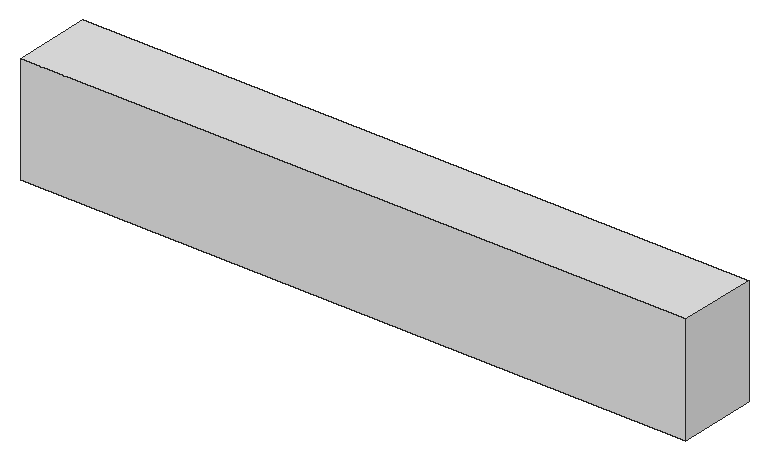
Revit family "LE Kitchen Run", category Furniture, Revit 2018
Family settings
  OmniClass Number = 23.40.20.00
  OmniClass Title = General Furniture and Specialties
  Work Plane-Based = No
  Always vertical = Yes
  Cut with Voids When Loaded = No
  Shared = No
  Room Calculation Point = No
Parameters (values of type "650x600m Casework")
  Width [instance] = 5500 mm
  Unit Width = 600 mm
  URL = "https://studiole.uk"
  Manufacturer = "LE"
  Line Count [instance] = Unit Count + 1  # 10
  End Offset = 0 mm
  Depth = 650 mm
  Height = 900 mm
  Circulation [instance] = yes
  Circulation Space = 750 mm
  Frame Material = Generic, White
  Unit Count [instance] = rounddown((Width - End Offset) / Unit Width)  # 9
Reference planes
  plane 1 "Center (Front/Back)": y = 0
  plane 2: z = 0
  plane 3 "Center (Left/Right)": x = 0
  plane 4 "Left": x = -2750
  plane 5 "Right": x = 2750
  plane 6 "Front": y = -325
  plane 7 "Back": y = 325
  plane 8 "Foot Circulation": y = -1075
  plane 9 "Height": z = 900
  plane 10 "End Offset": x = -2750
Forms (mm)
  Extrusion 1, solid, material "Generic, White" <- "Frame Material"
    sketch origin (0, 0, 0) x (1, 0, 0) y (0, 1, 0)
      loop
        line (-2750, 325) -> (-2750, -325) -> (2750, -325) -> (2750, 325) -> (-2750, 325)
    from 0 to 900 <- "Height"
Lines and regions (mm)
  model lines, style "FurnitureHiddenLines", visible <- "Circulation"
    curve 1: line (-2750, -1075, 0) -> (2750, -1075, 0)
  model lines, style "FurnitureHiddenLines"
    curve 2: line (-2750, 325, 900) -> (-2750, -325, 900)
    curve 3: line (-2150, 325, 900) -> (-2150, -325, 900)
    curve 4: line (-1550, 325, 900) -> (-1550, -325, 900)
    curve 5: line (-950, 325, 900) -> (-950, -325, 900)
    curve 6: line (-350, 325, 900) -> (-350, -325, 900)
    curve 7: line (250, 325, 900) -> (250, -325, 900)
    curve 8: line (850, 325, 900) -> (850, -325, 900)
    curve 9: line (1450, 325, 900) -> (1450, -325, 900)
    curve 10: line (2050, 325, 900) -> (2050, -325, 900)
    curve 11: line (2650, 325, 900) -> (2650, -325, 900)
Dimensions and locks
  "Depth": plane 7 "Back" to plane 6 "Front"
  equal spacing: plane 7 "Back", plane 1 "Center (Front/Back)", plane 6 "Front"
  "Width": plane 4 "Left" to plane 5 "Right"
  equal spacing: plane 4 "Left", plane 3 "Center (Left/Right)", plane 5 "Right"
  "Circulation Space": plane 6 "Front" to plane 8 "Foot Circulation"
  "Height": plane 9 "Height" to plane 2
  "End Offset": plane 4 "Left" to plane 10 "End Offset"
  "End Offset": plane 4 "Left" to curve 2
  equal spacing: group 1, group 2, group 3, group 4, group 5, group 6, group 7, group 8, group 9, group 10  (x3)
  "Unit Width": curve 3 to curve 2
  aligned and locked: level to plane 2
Automatic sketch dimensions
  Extrusion 1 sketch curve to plane 4 "Left" = 0 mm
  Extrusion 1 sketch curve to plane 5 "Right" = 0 mm
  Extrusion 1 sketch curve to plane 6 "Front" = 0 mm
  Extrusion 1 sketch curve to plane 7 "Back" = 0 mm
  curve 1 to plane 4 "Left" = 0 mm
  curve 1 to plane 5 "Right" = 0 mm
  plane 8 "Foot Circulation" to curve 1 = 0 mm
  curve 4 to curve 4 = 650 mm
  curve 2 to curve 2 = 650 mm
  curve 3 to curve 3 = 650 mm
  curve 5 to curve 5 = 650 mm
  curve 6 to curve 6 = 650 mm
  curve 7 to curve 7 = 650 mm
  curve 8 to curve 8 = 650 mm
  curve 9 to curve 9 = 650 mm
  curve 10 to curve 10 = 650 mm
  curve 11 to curve 11 = 650 mm
